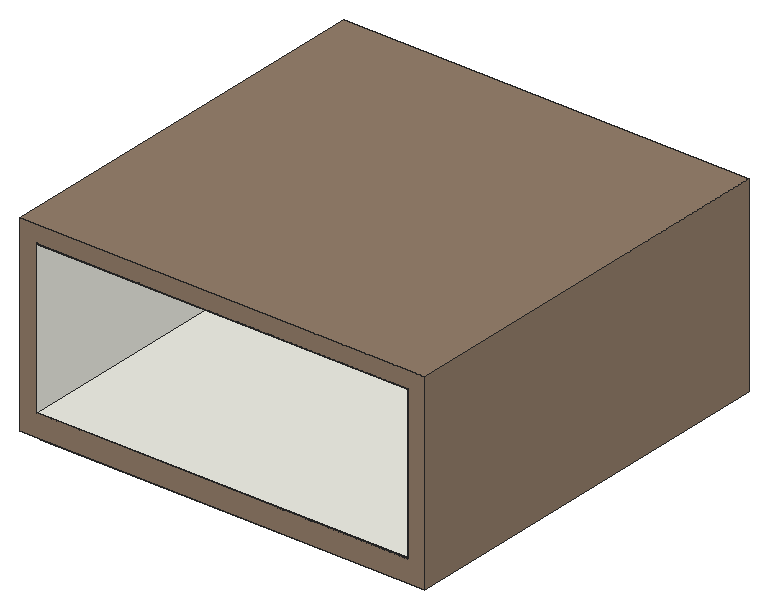
Revit family
Parameters (values of type "36" Width")
  Width = 3' - 0"
  URL = "http://elanbydecca.com/"
  Veneer Interior [instance] = Furniture - DECCA (Elan) - Rottet - Veneer Interior
  Veneer Exterior [instance] = Furniture - DECCA (Elan) - Rottet - Veneer Exterior
  Base [instance] = Furniture - DECCA (Elan) - Rottet - Base
  Product URL = "http://elanbydecca.com/PDFs/elan_tearsheet-rottet.pdf"
  Model = "LR ST271"
  Manufacturer = "Decca Contract"
  Height = 1' - 6"
  Description = "Elan Rottet Coffe Table, Open"
  Depth = 3' - 0"
  Assembly Description = "Furniture & Accessories"
  Assembly Code = "E2020200"
Types (4): name | Width | Model | Depth
  (no name) | 3' - 0" | "LR ST271" | 3' - 0"
  36" Width | 3' - 0" | "LR ST271" | 3' - 0"
  42" Width | 3' - 6" | "LR ST261" | 3' - 6"
  48" Width | 4' - 0" | "LR ST251" | 4' - 0"
Reference planes (in)
  plane 1 "Center Front/Back": y = -0.7524
  plane 2: z = 0
  plane 3 "Center Left/Right": x = 0
  plane 4 "L": x = -18
  plane 5 "R": x = 18
  plane 6 "F": y = -18.7524
  plane 7: y = 17.2476
  plane 8: through (-6.25338, 2.33237, 23.38953) normal (0.4297, -0.4297, 0.7941)
  plane 9: z = 18
  plane 10: z = 1
  plane 11: z = 0.25
  plane 12: y = -17.7524
  plane 13: y = 16.2476
  plane 14: x = -17
  plane 15: x = -14
  plane 16: y = -14.7524
  plane 17: y = 13.2476
  plane 18: x = 17
  plane 19: x = 14
  plane 20: x = -16.5
  plane 21: x = -16.53125
  plane 22: x = 16.5
  plane 23: x = 16.53125
  plane 24: z = 3
  plane 25: z = 16.5
  plane 26: z = 16.53125
  plane 27: z = 2.96875
Forms (in)
  Extrusion 1, solid, material "Furniture - DECCA (Elan) - Rottet - Base" <- "Base"
    sketch origin (0, 0, 15.25) x (-1, 0, 0) y (0, -1, 0)
      loop
        line (14, -13.2476) -> (14, 14.7524) -> (-14, 14.7524) -> (-14, -13.2476) -> (14, -13.2476)
      loop
        line (17, -16.2476) -> (17, 17.7524) -> (-17, 17.7524) -> (-17, -16.2476) -> (17, -16.2476)
    from -15 to -14.25
  Extrusion 2, solid, material "Furniture - DECCA (Elan) - Rottet - Base" <- "Base"
    sketch origin (0, 0, 15.25) x (-1, 0, 0) y (0, -1, 0)
      loop
        circle (15.84662, 16.57162) r 0.59375
      loop
        circle (-15.84662, 16.57162) r 0.59375
      loop
        circle (15.84662, -15.06682) r 0.59375
      loop
        circle (-15.84662, -15.06682) r 0.59375
    from -15.25 to -15
  Extrusion 3, solid, material "Furniture - DECCA (Elan) - Rottet - Veneer Exterior" <- "Veneer Exterior"
    sketch origin (0, -0.7524, 0) x (1, 0, 0) y (0, 0, 1)
      loop
        line (-18, 18) -> (-18, 1) -> (18, 1) -> (18, 18) -> (-18, 18)
      loop
        line (16.53125, 16.53125) -> (-16.53125, 16.53125) -> (-16.53125, 2.96875) -> (16.53125, 2.96875) -> (16.53125, 16.53125)
    from -18 to 18
  Extrusion 4, solid, material "Furniture - DECCA (Elan) - Rottet - Veneer Interior" <- "Veneer Interior"
    sketch origin (0, -0.7524, 0) x (1, 0, 0) y (0, 0, 1)
      loop
        line (-16.53125, 16.53125) -> (-16.53125, 2.96875) -> (16.53125, 2.96875) -> (16.53125, 16.53125) -> (-16.53125, 16.53125)
      loop
        line (-16.5, 16.5) -> (-16.5, 3) -> (16.5, 3) -> (16.5, 16.5) -> (-16.5, 16.5)
    from -18 to 18
Cuts and joins
  joined: Extrusion 1, Extrusion 2
Dimensions and locks (in)
  equal spacing: plane 4 "L", plane 3 "Center Left/Right", plane 5 "R"
  equal spacing: plane 7, plane 1 "Center Front/Back", plane 6 "F"
  "Width": plane 4 "L" to plane 5 "R"
  "Depth": plane 7 to plane 6 "F"
  "Height": plane 9 to level
  locked: plane 13 to plane 7 at 1
  locked: plane 12 to plane 6 "F" at 1
  plane 4 "L" to plane 14 to plane 15 = 0' - 1" locked, 0' - 3" locked
  locked: plane 17 to plane 13 at 3
  locked: plane 16 to plane 12 at 3
  locked: plane 18 to plane 19 at 3
  locked: plane 18 to plane 5 "R" at 1
  plane 4 "L" to plane 21 to plane 20 = 0' - 1 15/32" locked, 0' - 0 1/32" locked
  locked: plane 23 to plane 22 at 0.03125
  locked: plane 23 to plane 5 "R" at 1.46875
  plane 10 to plane 11 to level = 0' - 0 3/4" locked, 0' - 0 1/4" locked
  locked: plane 24 to plane 10 at 2
  plane 9 to plane 26 to plane 25 = 0' - 1 15/32" locked, 0' - 0 1/32" locked
  locked: plane 24 to plane 27 at 0.03125
  locked: plane 14 to Extrusion 2 sketch curve at 1.15338  (x2)
  locked: Extrusion 2 sketch curve to plane 13 at 1.18078  (x2)
  locked: Extrusion 2 sketch curve to plane 18 at 1.15338  (x2)
  locked: Extrusion 2 sketch curve to plane 12 at 1.18078  (x2)
  aligned and locked: plane 17 to Extrusion 1 sketch curve
  aligned and locked: plane 13 to Extrusion 1 sketch curve
  aligned and locked: Extrusion 1 sketch curve to plane 14
  aligned and locked: plane 18 to Extrusion 1 sketch curve
  aligned and locked: Extrusion 1 sketch curve to plane 12
  aligned and locked: Extrusion 1 sketch curve to plane 16
  aligned and locked: Extrusion 1 sketch curve to plane 15
  aligned and locked: plane 19 to Extrusion 1 sketch curve
  aligned and locked: Extrusion 1 to plane 11
  aligned and locked: plane 10 to Extrusion 1
  aligned and locked: Extrusion 2 to level
  aligned and locked: plane 11 to Extrusion 2
  aligned and locked: Extrusion 3 sketch curve to plane 4 "L"
  aligned and locked: Extrusion 3 sketch curve to plane 10
  aligned and locked: Extrusion 3 sketch curve to plane 9
  aligned and locked: plane 5 "R" to Extrusion 3 sketch curve
  aligned and locked: plane 23 to Extrusion 3 sketch curve
  aligned and locked: Extrusion 3 sketch curve to plane 27
  aligned and locked: Extrusion 3 sketch curve to plane 21
  aligned and locked: Extrusion 3 sketch curve to plane 26
  aligned and locked: plane 7 to Extrusion 3
  aligned and locked: Extrusion 3 to plane 6 "F"
  aligned and locked: Extrusion 4 sketch curve to plane 21
  aligned and locked: Extrusion 4 sketch curve to plane 20
  aligned and locked: Extrusion 4 sketch curve to plane 26
  aligned and locked: Extrusion 4 sketch curve to plane 25
  aligned and locked: plane 23 to Extrusion 4 sketch curve
  aligned and locked: plane 22 to Extrusion 4 sketch curve
  aligned and locked: Extrusion 4 sketch curve to plane 24
  aligned and locked: Extrusion 4 sketch curve to plane 27
  aligned and locked: plane 7 to Extrusion 4
  aligned and locked: Extrusion 4 to plane 6 "F"
Automatic sketch dimensions
  radius of Extrusion 2 sketch curve = 0' - 0 19/32"  (x4)
